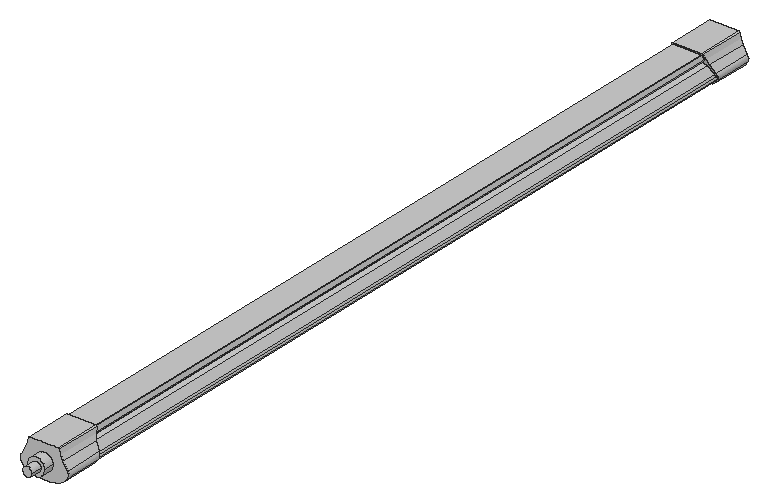
Revit family "NNFC4034288", category 照明器具, Revit 2018
Family settings
  丸型コネクタ寸法 = 直径を使用
  パーツ タイプ = 標準
  OmniClass 番号 = 23.80.70.00
  OmniClass タイトル = Lighting
  作業面ベース = はい
  常に垂直 = いいえ
  ロード時にボイドで切り取り = いいえ
  光源 = はい
  共有 = いいえ
  部屋計算ポイント = いいえ
Parameters (values of type "NNFC4034288")
  built-in parameter 1150110 = 1 (stored number, unit not read)
  長方形の長さに沿って放射 = 80 mm
  長方形の幅に沿って放射 = 1378 mm
  built-in parameter 1150133 = 10 (stored number, unit not read)
  Dimming Lamp Color Temperature Shift = (empty or 0)
  説明 = "NNFC4034288"
  製造元 = "Panasonic Corp."
  built-in parameter 1150104 = 13.8 (stored number, unit not read)
  built-in parameter 1150115 = 1 (stored number, unit not read)
  built-in parameter 1150137 = 1
  built-in parameter 1150106 = 21.313 (stored number, unit not read)
  built-in parameter 1150134 = 12
  built-in parameter 1150109 = 1 (stored number, unit not read)
  Default Elevation = 0 mm
  built-in parameter 1114218 = 1 (stored number, unit not read)
  built-in parameter 1114217 = 1 (stored number, unit not read)
  built-in parameter 1150102 = (empty or 0)
  built-in parameter 1150107 = 4000 (stored number, unit not read)
  built-in parameter 1150138 = (empty or 0)
  built-in parameter 1150132 = 2
  Lumens = 6500 lm
  built-in parameter 1150105 = 2131.3 (stored number, unit not read)
  Tilt Angle = 90.00°
  built-in parameter 1150139 = (empty or 0)
  Cost = 63000
  Wattage = 43.7587 W
  Emit Shape Visible in Rendering = no
  built-in parameter 1150112 = 1 (stored number, unit not read)
  built-in parameter 1150114 = 1 (stored number, unit not read)
  Lamp = ""
  モデル = "LED Splash Proof Ex Series 2G 5FT"
  フォトメトリック Web ファイル = "NNFC4034288.ies"
  タイプの説明 = "Splash Proof"
  Type Image = (empty or 0)
  built-in parameter 1150113 = 1 (stored number, unit not read)
  Color Filter = 16777215
  Voltage = 230 V
  Width = 0 mm
  URL = "https://panasonic.net/electricworks/lighting/"
  Light Source = PC
  Height = 0 mm
  Length = 0 mm
  Body = PC(White)
Reference planes
  plane 1 "Light Source Axis (F/B)": y = 0
  plane 2: z = 0
  plane 3 "Light Source Axis (L/R)": x = 0
  plane 4 "Light Source Elevation": z = 0
  plane 5: y = -787
Forms (mm)
  Extrusion 1, solid, material "PC(White)" <- "Body"
    sketch origin (0, 0, 0) x (1, 0, 0) y (0, 0, 1)
      loop
        line (-25.218, 0) -> (-27.214, -1.907)
        arc (-27.214, -1.907) -> (-28.908, -10.625) -> (-32.373, -18.803) r 42.597
        arc (-32.373, -18.803) -> (-36.385, -25.645) -> (-40.735, -32.276) r 157.997
        arc (-40.735, -32.276) -> (-42.634, -38.352) -> (-40.735, -44.427) r 10.672
        arc (-40.735, -44.427) -> (-35.839, -49.798) -> (-29.7, -53.687) r 27.299
        arc (-29.7, -53.687) -> (-15.201, -58.496) -> (0, -60) r 69.051
        arc (0, -60) -> (15.201, -58.496) -> (29.7, -53.687) r 69.051
        arc (29.7, -53.687) -> (35.839, -49.798) -> (40.735, -44.427) r 27.299
        arc (40.735, -44.427) -> (42.634, -38.352) -> (40.735, -32.276) r 10.672
        arc (40.735, -32.276) -> (36.385, -25.645) -> (32.373, -18.803) r 157.997
        arc (32.373, -18.803) -> (28.908, -10.625) -> (27.214, -1.907) r 42.597
        line (27.214, -1.907) -> (25.218, 0) -> (-25.218, 0)
    from -750 to 750
  Extrusion 2, void
    sketch origin (0, 0, 0) x (0, 1, 0) y (0, 0, 1)
      loop
        line (666.06, 5) -> (-666.06, 5)
        arc (-666.06, 5) -> (-680.079, -29.434) -> (-690.912, -65) r 408.841
        line (-690.912, -65) -> (690.912, -65)
        arc (690.912, -65) -> (680.079, -29.434) -> (666.06, 5) r 408.841
    from -50 to 50
  Extrusion 3, solid, material "PC" <- "Light Source"
    sketch origin (0, 0, 0) x (1, 0, 0) y (0, 0, 1)
      loop
        arc (-40.06, -37.258) -> (-39.908, -40.26) -> (-38.68, -43.004) r 8.172
        arc (-38.68, -43.004) -> (-34.232, -47.883) -> (-28.655, -51.416) r 24.799
        arc (-28.655, -51.416) -> (-14.666, -56.054) -> (0, -57.5) r 66.551
        arc (0, -57.5) -> (14.666, -56.054) -> (28.655, -51.416) r 66.551
        arc (28.655, -51.416) -> (34.232, -47.883) -> (38.68, -43.004) r 24.799
        arc (38.68, -43.004) -> (39.908, -40.26) -> (40.06, -37.258) r 8.172
        line (40.06, -37.258) -> (-40.06, -37.258)
    from -750 to 750
  Extrusion 4, solid, material "PC(White)" <- "Body"
    sketch origin (0, 0, 0) x (1, 0, 0) y (0, 0, 1)
      loop
        arc (40.06, -37.258) -> (39.581, -35.397) -> (38.68, -33.7) r 8.172
        arc (38.68, -33.7) -> (34.371, -27.139) -> (30.387, -20.375) r 160.497
        line (30.387, -20.375) -> (22.143, -16.613) -> (22.143, -12.613) -> (25.153, -12.613)
        arc (25.153, -12.613) -> (26.384, -12.103) -> (26.894, -10.872) r 1.741
        arc (26.894, -10.872) -> (25.91, -6.892) -> (25.295, -2.839) r 44.597
        line (25.295, -2.839) -> (24.416, -2) -> (-24.416, -2) -> (-25.295, -2.839)
        arc (-25.295, -2.839) -> (-25.91, -6.892) -> (-26.894, -10.872) r 44.597
        arc (-26.894, -10.872) -> (-26.384, -12.103) -> (-25.153, -12.613) r 1.741
        line (-25.153, -12.613) -> (-22.143, -12.613) -> (-22.143, -16.613) -> (-30.387, -20.375)
        arc (-30.387, -20.375) -> (-34.371, -27.139) -> (-38.68, -33.7) r 160.497
        arc (-38.68, -33.7) -> (-39.581, -35.397) -> (-40.06, -37.258) r 8.172
        line (-40.06, -37.258) -> (40.06, -37.258)
    from -750 to 750
  Extrusion 5, void
    sketch origin (0, 0, 0) x (0, 1, 0) y (0, 0, 1)
      loop
        line (750, 5) -> (666.06, 5)
        arc (666.06, 5) -> (680.079, -29.434) -> (690.912, -65) r 408.841
        line (690.912, -65) -> (750, -65) -> (750, 5)
      loop
        line (-750, 5) -> (-750, -65) -> (-690.912, -65)
        arc (-690.912, -65) -> (-680.079, -29.434) -> (-666.06, 5) r 408.841
        line (-666.06, 5) -> (-750, 5)
    from -50 to 50
  Extrusion 6, solid, material "PC(White)" <- "Body"
    sketch origin (0, 0, -4) x (1, 0, 0) y (0, 0, 1)
      loop
        circle (0, -27) r 15
    from 750 to 768
  Extrusion 7, solid, material "PC(White)" <- "Body"
    sketch origin (0, 0, -4) x (1, 0, 0) y (0, 0, 1)
      loop
        circle (0, -27) r 8
    from 768 to 787
Cuts and joins
  Extrusion 2 cuts Extrusion 1
  Extrusion 5 cuts Extrusion 3
  Extrusion 5 cuts Extrusion 4
Dimensions and locks
  aligned and locked: level to plane 2
Connectors
  electrical at (0, -787, -31)
    settings: on plane 5, index 1, voltage 0 V, apparent load 0 VA, apparent load phase1 0 VA, apparent load phase2 0 VA, apparent load phase3 0 VA, power factor 1, load classification "Other", number of poles 1, system type 30, power factor state 1, is connector primary yes, connector utility no, sub classification motor no, connector description ""
